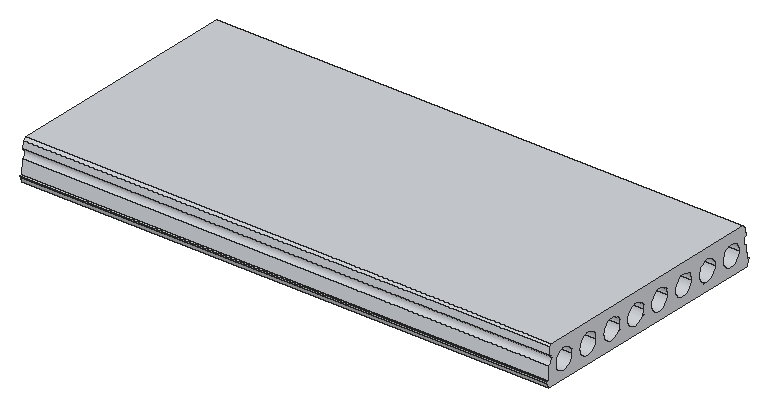
Revit family "EX18 dæk Spæncom", category Structural Framing, Revit 2014
Parameters
  Width element (formmål 1197mm) [instance] = 1197 mm
  Structural Material [instance] = none
  Model = "EX18"
  Manufacturer = "Spæncom"
  Length [instance] = 3000 mm
  Height = 180 mm  # constant formula
Reference planes
  plane 1 "Center (Front/Back)": y = 0
  plane 2 "Center Elevation": z = 0
  plane 3 "Center (Left/Right)": x = 0
  plane 4 "Left": x = -1500
  plane 5 "Member Left": x = -1250
  plane 6 "Stick Symbol Left": x = -1000
  plane 7 "Right": x = 1500
  plane 8 "Member Right": x = 1250
  plane 9 "Stick Symbol Right": x = 1000
Forms (mm)
  Extrusion 1, solid, material <- "Structural Material"
    sketch origin (-1509.68, 0, 0) x (0, -1, 0) y (0, 0, 1)
      loop
        line (-567.5, 180) -> (-578.231, 170.027) -> (-580.8, 135)
        arc (-580.8, 135) -> (-570.356, 113.121) -> (-583.88, 93) r 24.457
        line (-583.88, 93) -> (-588.5, 30) -> (-598.5, 30) -> (-597.5, 20) -> (-587.5, 0) -> (587.5, 0) -> (597.5, 20) -> (598.5, 30) -> (588.5, 30) -> (583.88, 93)
        arc (583.88, 93) -> (570.356, 113.121) -> (580.8, 135) r 24.457
        line (580.8, 135) -> (578.231, 170.027) -> (567.5, 180) -> (-567.5, 180)
      loop
        circle (-497, 85) r 50
      loop
        circle (-355, 85) r 50
      loop
        circle (-213, 85) r 50
      loop
        circle (-71, 85) r 50
      loop
        circle (71, 85) r 50
      loop
        circle (213, 85) r 50
      loop
        circle (355, 85) r 50
      loop
        circle (497, 85) r 50
    from -259.68 to -2759.68
  Extrusion 2, void
    sketch origin (1500, 1197, 0) x (0, -1, 0) y (0, 0, 1)
      loop
        line (598.5, 0) -> (598.5, 180) -> (-598.5, 180) -> (-598.5, 0) -> (598.5, 0)
    from 250 to 2750
Cuts and joins
  Extrusion 2 cuts Extrusion 1
Lines and regions (mm)
  model lines, style "Stick Symbols", detail levels coarse
    curve 1: line (-1000, 0, 0) -> (1000, 0, 0)
Dimensions and locks
  equal spacing: plane 4 "Left", plane 3 "Center (Left/Right)", plane 7 "Right"
  "Length": plane 4 "Left" to plane 7 "Right"
  "Height": Extrusion 1 to Extrusion 1
  "Width element (formmål 1197mm)": cut or joined group of Extrusion 1, Extrusion 2 to Extrusion 2 sketch curve
  aligned and locked: plane 1 "Center (Front/Back)" to curve 1
  aligned and locked: plane 6 "Stick Symbol Left" to curve 1
  aligned and locked: plane 9 "Stick Symbol Right" to curve 1
  aligned and locked: level to plane 2 "Center Elevation"
  aligned and locked: Extrusion 1 to plane 8 "Member Right"
  aligned and locked: plane 5 "Member Left" to Extrusion 1
  aligned and locked: Extrusion 2 to plane 5 "Member Left"
  aligned and locked: Extrusion 2 to plane 8 "Member Right"
Automatic sketch dimensions
  Extrusion 1 sketch curve to level = 0 mm
  level to Extrusion 1 sketch curve = 30 mm  (x2)
  Extrusion 1 sketch curve to plane 1 "Center (Front/Back)" = 598.5 mm
  level to Extrusion 1 sketch curve = 20 mm  (x2)
  Extrusion 1 sketch curve to Extrusion 1 sketch curve = 1 mm  (x2)
  Extrusion 1 sketch curve to Extrusion 1 sketch curve = 3.752 mm
  Extrusion 1 sketch curve to Extrusion 1 sketch curve = 10 mm  (x3)
  level to Extrusion 1 sketch curve = 93 mm  (x2)
  Extrusion 1 sketch curve to Extrusion 1 sketch curve = 10.868 mm  (x2)
  level to Extrusion 1 sketch curve = 135 mm  (x2)
  Extrusion 1 sketch curve to Extrusion 1 sketch curve = 13.948 mm
  level to Extrusion 1 sketch curve = 170.027 mm  (x2)
  Extrusion 1 sketch curve to Extrusion 1 sketch curve = 2.569 mm  (x2)
  level to Extrusion 1 sketch curve = 180 mm
  Extrusion 1 sketch curve to Extrusion 1 sketch curve = 10.731 mm  (x2)
  Extrusion 1 sketch curve to Extrusion 1 sketch curve = 86.88 mm
  Extrusion 1 sketch curve to Extrusion 1 sketch curve = 142 mm  (x5)
  Extrusion 1 sketch curve to plane 1 "Center (Front/Back)" = 71 mm
  plane 1 "Center (Front/Back)" to Extrusion 1 sketch curve = 71 mm
  Extrusion 1 sketch curve to Extrusion 1 sketch curve = 70.5 mm
  Extrusion 1 sketch curve to Extrusion 1 sketch curve = 3.08 mm
  Extrusion 1 sketch curve to Extrusion 1 sketch curve = 3.62 mm
  Extrusion 1 sketch curve to Extrusion 1 sketch curve = 9 mm
  level to Extrusion 1 sketch curve = 85 mm  (x8)
  Extrusion 2 sketch curve to level = 0 mm
  Extrusion 2 sketch curve to Extrusion 2 sketch curve = 1197 mm
  level to Extrusion 2 sketch curve = 180 mm
  radius of Extrusion 1 sketch curve = 50 mm  (x8)
